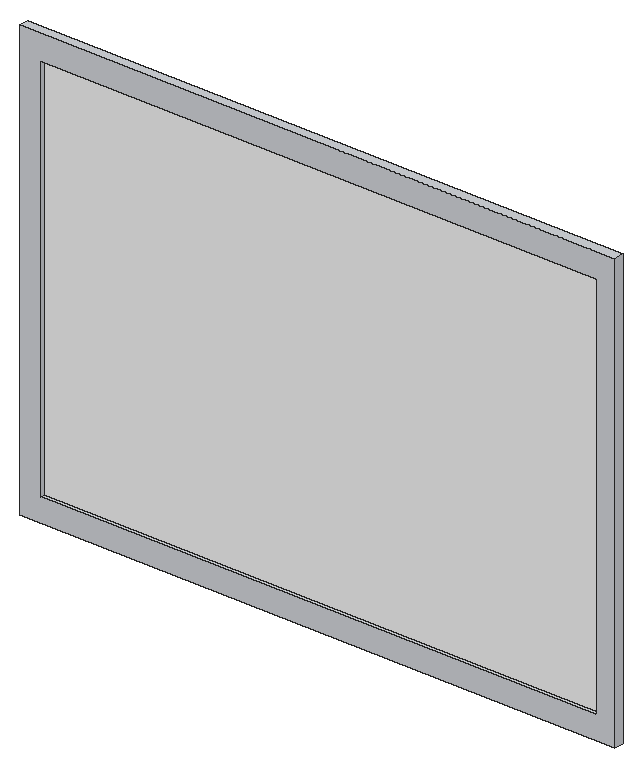
Revit family
Reference planes
  plane 1 "Wall": y = -85
  plane 2 "Center (Left/Right)": x = 125
  plane 3 "Back": y = -10
Forms (mm)
  Extrusion 1, solid
    sketch origin (-5000, -160, 0) x (1, 0, 0) y (0, 0, 1)
      loop
        line (4515, 1783.798) -> (4515, 883.798) -> (5735, 883.798) -> (5735, 1783.798) -> (4515, 1783.798)
    from 0 to 20
  Extrusion 2, void
    sketch origin (-5000, -160, 0) x (1, 0, 0) y (0, 0, 1)
      loop
        line (4557.57, 1732.407) -> (4557.57, 932.407) -> (5697.57, 932.407) -> (5697.57, 1732.407) -> (4557.57, 1732.407)
    from 0 to 100
  Extrusion 3, solid, material "Mirror"
    sketch origin (-5000, -160, 0) x (-1, 0, 0) y (0, 0, 1)
      loop
        line (-4540.718, 1758.152) -> (-5720.718, 1758.152) -> (-5720.718, 918.152) -> (-4540.718, 918.152) -> (-4540.718, 1758.152)
    from -11.044 to 9.138
Cuts and joins
  Extrusion 2 cuts Extrusion 1
Text (mm)
  text "Placement Side" at (-1848.837, 1116.779, 0), in view "Ref. Level"
  text "Placement side" at (0, 1409.804, 2854.306), in view "Left"
  text "Placement side" at (0, 499.811, 2980.732), in view "Right"
Dimensions and locks
  locked: plane 3 "Back" to host wall
  aligned and locked: plane 1 "Wall" to host wall
